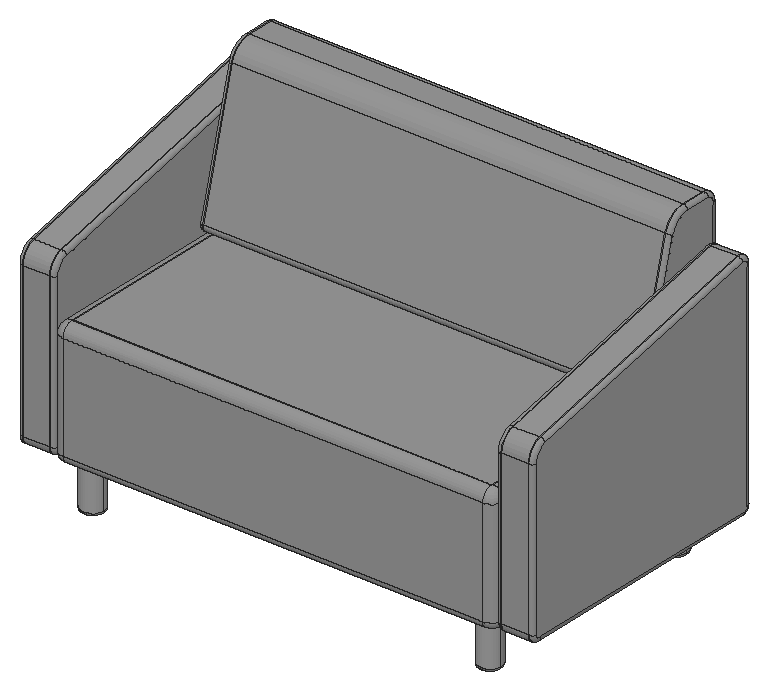
Revit family "7500CLR Loveseat Both Arms - Kids", category Generic Models, Revit 2018
Family settings
  Can host rebar = No
  Round Connector Dimension = Use Diameter
  Part Type = Normal
  Work Plane-Based = No
  Always vertical = Yes
  Cut with Voids When Loaded = No
  Shared = No
  Room Calculation Point = No
Parameters
  Top Fabric = 7500CLR Top Fabric
  Bottom Fabric = 7500CLR Bottom Fabric
  Arm Fabric = 7500CLR Arm Fabric
Reference planes (in)
  plane 1 "Center (Front/Back)": y = 0
  plane 2: z = 0
  plane 3 "Center (Left/Right)": x = 0
Forms (in)
  Extrusion 1, solid, material "7500CLR Bottom Fabric" <- "Bottom Fabric"
    sketch origin (0, 0, 0) x (1, 0, 0) y (0, 1, 0)
      loop
        arc (-18.47909, 11.25066) -> (-18.49388, 11.24454) -> (-18.5, 11.22975) r 0.02091
        line (-18.5, 11.22975) -> (-18.5, -11.22975)
        arc (-18.5, -11.22975) -> (-18.49426, -11.2436) -> (-18.48041, -11.24934) r 0.01959
        line (-18.48041, -11.24934) -> (18.48041, -11.24934)
        arc (18.48041, -11.24934) -> (18.49426, -11.2436) -> (18.5, -11.22975) r 0.01959
        line (18.5, -11.22975) -> (18.5, 11.22975)
        arc (18.5, 11.22975) -> (18.49388, 11.24454) -> (18.47909, 11.25066) r 0.02091
        line (18.47909, 11.25066) -> (-18.47909, 11.25066)
    from 4 to 15
  Sweep 2, solid, material "7500CLR Bottom Fabric" <- "Bottom Fabric"
    path origin (0, 0, 0) x (1, 0, 0) y (0, 1, 0)
      loop
        line (18.47909, 11.25066) -> (-18.47909, 11.25066)
        arc (-18.47909, 11.25066) -> (-18.49388, 11.24454) -> (-18.5, 11.22975) r 0.02091
        line (-18.5, 11.22975) -> (-18.5, -11.22975)
        arc (-18.5, -11.22975) -> (-18.49426, -11.2436) -> (-18.48041, -11.24934) r 0.01959
        line (-18.48041, -11.24934) -> (18.48041, -11.24934)
        arc (18.48041, -11.24934) -> (18.49426, -11.2436) -> (18.5, -11.22975) r 0.01959
        line (18.5, -11.22975) -> (18.5, 11.22975)
        arc (18.5, 11.22975) -> (18.49388, 11.24454) -> (18.47909, 11.25066) r 0.02091
    profile origin (0, 11.25066, 0) x (0, -1, 0) y (0, 0, 1)
      loop
        arc (0, 15) -> (-0.70711, 14.70711) -> (-1, 14) r 1
        line (-1, 14) -> (-1, 4.61745)
        arc (-1, 4.61745) -> (-0.85933, 4.22019) -> (-0.5, 4) r 0.63124
        line (-0.5, 4) -> (0, 4) -> (0, 15)
  Revolve 3, solid, material "7000C Frame"
    sketch origin (-9.75, -10.24934, 0) x (1, 0, 0) y (0, 0, 1)
      loop
        line (-7.75, 4) -> (-7.75, 0) -> (-6.95, 0)
        arc (-6.95, 0) -> (-6.80858, 0.05858) -> (-6.75, 0.2) r 0.2
        line (-6.75, 0.2) -> (-6.75, 4) -> (-7.75, 4)
      axis (-7.75, 4) -> (-7.75, 0)
    angle from 0 to 360
  Revolve 4, solid, material "7000C Frame"
    sketch origin (9.75, -10.24934, 0) x (-1, 0, 0) y (0, 0, -1)
      loop
        line (-7.75, -4) -> (-6.75, -4) -> (-6.75, -0.2)
        arc (-6.75, -0.2) -> (-6.80858, -0.05858) -> (-6.95, 0) r 0.2
        line (-6.95, 0) -> (-7.75, 0) -> (-7.75, -4)
      axis (-7.75, -4) -> (-7.75, 0)
    angle from 0 to 360
  Revolve 5, solid, material "7000C Frame"
    sketch origin (-9.75, 10.24934, 0) x (1, 0, 0) y (0, 0, -1)
      loop
        line (-7.75, -4) -> (-6.75, -4) -> (-6.75, -0.2)
        arc (-6.75, -0.2) -> (-6.80858, -0.05858) -> (-6.95, 0) r 0.2
        line (-6.95, 0) -> (-7.75, 0) -> (-7.75, -4)
      axis (-7.75, -4) -> (-7.75, 0)
    angle from 0 to 360
  Revolve 6, solid, material "7000C Frame"
    sketch origin (9.75, 10.24934, 0) x (-1, 0, 0) y (0, 0, 1)
      loop
        line (-7.75, 4) -> (-7.75, 0) -> (-6.95, 0)
        arc (-6.95, 0) -> (-6.80858, 0.05858) -> (-6.75, 0.2) r 0.2
        line (-6.75, 0.2) -> (-6.75, 4) -> (-7.75, 4)
      axis (-7.75, 4) -> (-7.75, 0)
    angle from 0 to 360
  Extrusion 7, solid, material "7500CLR Top Fabric" <- "Top Fabric"
    sketch origin (0, 0, 0) x (0, 1, 0) y (0, 0, 1)
      loop
        line (12.25066, 15.5) -> (12.25066, 27.5)
        arc (12.25066, 27.5) -> (11.95777, 28.20711) -> (11.25066, 28.5) r 1
        line (11.25066, 28.5) -> (8.98349, 28.5)
        arc (8.98349, 28.5) -> (7.77094, 28.09051) -> (7.05491, 27.02973) r 2
        line (7.05491, 27.02973) -> (3.92437, 15.63243)
        arc (3.92437, 15.63243) -> (4.00889, 15.19686) -> (4.40652, 15) r 0.5
        line (4.40652, 15) -> (11.75066, 15)
        arc (11.75066, 15) -> (12.10421, 15.14645) -> (12.25066, 15.5) r 0.5
    from -19.115 to 19.115
  Extrusion 8, solid, material "7500CLR Top Fabric" <- "Top Fabric"
    sketch origin (-9.75, 0, 0) x (0, 1, 0) y (0, 0, 1)
      loop
        arc (11.75066, 15.4) -> (11.82137, 15.42929) -> (11.85066, 15.5) r 0.1
        line (11.85066, 15.5) -> (11.85066, 27.5)
        arc (11.85066, 27.5) -> (11.67492, 27.92426) -> (11.25066, 28.1) r 0.6
        line (11.25066, 28.1) -> (8.98349, 28.1)
        arc (8.98349, 28.1) -> (8.01345, 27.77241) -> (7.44063, 26.92378) r 1.6
        line (7.44063, 26.92378) -> (4.31009, 15.52649)
        arc (4.31009, 15.52649) -> (4.32699, 15.43937) -> (4.40652, 15.4) r 0.1
        line (4.40652, 15.4) -> (11.75066, 15.4)
    from -9.75 to -9.365
  Sweep 9, solid, material "7500CLR Top Fabric" <- "Top Fabric"
    path origin (-9.75, 0, 0) x (0, 1, 0) y (0, 0, 1)
      loop
        line (11.85066, 15.5) -> (11.85066, 27.5)
        arc (11.85066, 27.5) -> (11.67492, 27.92426) -> (11.25066, 28.1) r 0.6
        line (11.25066, 28.1) -> (8.98349, 28.1)
        arc (8.98349, 28.1) -> (8.01345, 27.77241) -> (7.44063, 26.92378) r 1.6
        line (7.44063, 26.92378) -> (4.31009, 15.52649)
        arc (4.31009, 15.52649) -> (4.32699, 15.43937) -> (4.40652, 15.4) r 0.1
        line (4.40652, 15.4) -> (11.75066, 15.4)
        arc (11.75066, 15.4) -> (11.82137, 15.42929) -> (11.85066, 15.5) r 0.1
    profile origin (-9.75, 11.85066, 21.5) x (0, -1, 0) y (1, 0, 0)
      loop
        arc (-0.4, -9.365) -> (-0.27759, -9.63811) -> (0, -9.75) r 0.40029
        line (0, -9.75) -> (0, -9.365) -> (-0.4, -9.365)
  Extrusion 10, solid, material "7500CLR Top Fabric" <- "Top Fabric"
    sketch origin (9.75, 0, 0) x (0, 1, 0) y (0, 0, -1)
      loop
        line (11.75066, -15.4) -> (4.40652, -15.4)
        arc (4.40652, -15.4) -> (4.32699, -15.43937) -> (4.31009, -15.52649) r 0.1
        line (4.31009, -15.52649) -> (7.44063, -26.92378)
        arc (7.44063, -26.92378) -> (8.01345, -27.77241) -> (8.98349, -28.1) r 1.6
        line (8.98349, -28.1) -> (11.25066, -28.1)
        arc (11.25066, -28.1) -> (11.67492, -27.92426) -> (11.85066, -27.5) r 0.6
        line (11.85066, -27.5) -> (11.85066, -15.5)
        arc (11.85066, -15.5) -> (11.82137, -15.42929) -> (11.75066, -15.4) r 0.1
    from -9.75 to -9.365
  Sweep 11, solid, material "7500CLR Top Fabric" <- "Top Fabric"
    path origin (9.75, 0, 0) x (0, 1, 0) y (0, 0, -1)
      loop
        arc (11.85066, -15.5) -> (11.82137, -15.42929) -> (11.75066, -15.4) r 0.1
        line (11.75066, -15.4) -> (4.40652, -15.4)
        arc (4.40652, -15.4) -> (4.32699, -15.43937) -> (4.31009, -15.52649) r 0.1
        line (4.31009, -15.52649) -> (7.44063, -26.92378)
        arc (7.44063, -26.92378) -> (8.01345, -27.77241) -> (8.98349, -28.1) r 1.6
        line (8.98349, -28.1) -> (11.25066, -28.1)
        arc (11.25066, -28.1) -> (11.67492, -27.92426) -> (11.85066, -27.5) r 0.6
        line (11.85066, -27.5) -> (11.85066, -15.5)
    profile origin (9.75, 11.85066, 21.5) x (0, 1, 0) y (-1, 0, 0)
      loop
        line (0.4, -9.365) -> (0, -9.365) -> (0, -9.75)
        arc (0, -9.75) -> (0.27759, -9.63811) -> (0.4, -9.365) r 0.40029
Dimensions and locks (in)
  aligned and locked: plane 2 to level
Nested families (in)
  nested 1: "Kids Arm" at (21.09716, 0, 0) x (-1, 0, 0) z (0, 0, 1), type "Kids Arm"
  nested 2: "Kids Arm" at (-21.09716, 0, 0), type "Kids Arm"
Definition of nested family "Kids Arm"
  Parameters (values of type "Kids Arm")
    Arm Fabric = none
  Reference planes (in)
    plane 1 "Center (Front/Back)": y = 0
    plane 2: z = 0
    plane 3 "Center (Left/Right)": x = 0
  Forms (in)
    Extrusion 1, solid, material <- "Arm Fabric"
      sketch origin (0, 0, 0) x (0, 1, 0) y (0, 0, 1)
        loop
          line (11.0306, 24.58996) -> (-10.73881, 19.87326)
          arc (-10.73881, 19.87326) -> (-11.64541, 19.31401) -> (-12, 18.30954) r 1.6
          line (-12, 18.30954) -> (-12, 4.8)
          arc (-12, 4.8) -> (-11.76569, 4.23431) -> (-11.2, 4) r 0.8
          line (-11.2, 4) -> (11.2, 4)
          arc (11.2, 4) -> (11.76569, 4.23431) -> (12, 4.8) r 0.8
          line (12, 4.8) -> (12, 23.8081)
          arc (12, 23.8081) -> (11.70223, 24.43081) -> (11.0306, 24.58996) r 0.8
      from -1.19716 to 1.19716
    Extrusion 2, solid, material <- "Arm Fabric"
      sketch origin (0, 0, 0) x (0, 1, 0) y (0, 0, 1)
        loop
          arc (-10.6541, 19.48233) -> (-11.33406, 19.06289) -> (-11.6, 18.30954) r 1.2
          line (-11.6, 18.30954) -> (-11.6, 4.8)
          arc (-11.6, 4.8) -> (-11.48284, 4.51716) -> (-11.2, 4.4) r 0.4
          line (-11.2, 4.4) -> (11.2, 4.4)
          arc (11.2, 4.4) -> (11.48284, 4.51716) -> (11.6, 4.8) r 0.4
          line (11.6, 4.8) -> (11.6, 23.8081)
          arc (11.6, 23.8081) -> (11.45112, 24.11946) -> (11.1153, 24.19903) r 0.4
          line (11.1153, 24.19903) -> (-10.6541, 19.48233)
      from -1.59716 to -1.19716
    Sweep 3, solid, material <- "Arm Fabric"
      path origin (0, 0, 0) x (0, 1, 0) y (0, 0, 1)
        loop
          line (11.6, 4.8) -> (11.6, 23.8081)
          arc (11.6, 23.8081) -> (11.45112, 24.11946) -> (11.1153, 24.19903) r 0.4
          line (11.1153, 24.19903) -> (-10.6541, 19.48233)
          arc (-10.6541, 19.48233) -> (-11.33406, 19.06289) -> (-11.6, 18.30954) r 1.2
          line (-11.6, 18.30954) -> (-11.6, 4.8)
          arc (-11.6, 4.8) -> (-11.48284, 4.51716) -> (-11.2, 4.4) r 0.4
          line (-11.2, 4.4) -> (11.2, 4.4)
          arc (11.2, 4.4) -> (11.48284, 4.51716) -> (11.6, 4.8) r 0.4
      profile origin (0, 11.6, 14.30405) x (0, -1, 0) y (1, 0, 0)
        loop
          line (0, -1.19716) -> (-0.4, -1.19716)
          arc (-0.4, -1.19716) -> (-0.28284, -1.48) -> (0, -1.59716) r 0.4
          line (0, -1.59716) -> (0, -1.19716)
    Extrusion 4, solid, material <- "Arm Fabric"
      sketch origin (0, 0, 0) x (0, 1, 0) y (0, 0, -1)
        loop
          line (-10.6541, -19.48233) -> (11.1153, -24.19903)
          arc (11.1153, -24.19903) -> (11.45112, -24.11946) -> (11.6, -23.8081) r 0.4
          line (11.6, -23.8081) -> (11.6, -4.8)
          arc (11.6, -4.8) -> (11.48284, -4.51716) -> (11.2, -4.4) r 0.4
          line (11.2, -4.4) -> (-11.2, -4.4)
          arc (-11.2, -4.4) -> (-11.48284, -4.51716) -> (-11.6, -4.8) r 0.4
          line (-11.6, -4.8) -> (-11.6, -18.30954)
          arc (-11.6, -18.30954) -> (-11.33406, -19.06289) -> (-10.6541, -19.48233) r 1.2
      from -1.59716 to -1.19716
    Sweep 5, solid, material <- "Arm Fabric"
      path origin (0, 0, 0) x (0, 1, 0) y (0, 0, -1)
        loop
          arc (11.6, -4.8) -> (11.48284, -4.51716) -> (11.2, -4.4) r 0.4
          line (11.2, -4.4) -> (-11.2, -4.4)
          arc (-11.2, -4.4) -> (-11.48284, -4.51716) -> (-11.6, -4.8) r 0.4
          line (-11.6, -4.8) -> (-11.6, -18.30954)
          arc (-11.6, -18.30954) -> (-11.33406, -19.06289) -> (-10.6541, -19.48233) r 1.2
          line (-10.6541, -19.48233) -> (11.1153, -24.19903)
          arc (11.1153, -24.19903) -> (11.45112, -24.11946) -> (11.6, -23.8081) r 0.4
          line (11.6, -23.8081) -> (11.6, -4.8)
      profile origin (0, 11.6, 14.30405) x (0, 1, 0) y (-1, 0, 0)
        loop
          line (0, -1.19716) -> (0, -1.59716)
          arc (0, -1.59716) -> (0.28284, -1.48) -> (0.4, -1.19716) r 0.4
          line (0.4, -1.19716) -> (0, -1.19716)
  Dimensions and locks (in)
    aligned and locked: plane 2 to level
